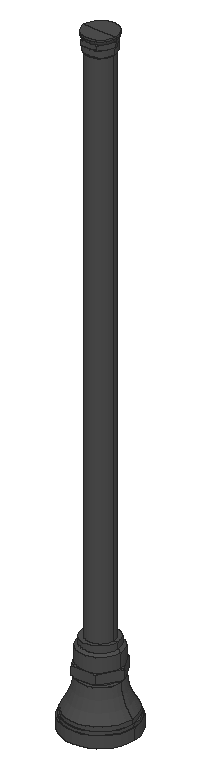
Revit family "Reece_Shower_Kado_Era_Shower Arm_Ceiling", category Plumbing Fixtures, host Face, Revit 2018
Family settings
  Host = Face
  Round Connector Dimension = Use Diameter
  Part Type = Normal
  Cut with Voids When Loaded = No
  Shared = Yes
  Room Calculation Point = Yes
Parameters (values of type "Matte Black")
  WFU = 0  # constant formula
  URL = "www.reece.com.au/product/-4200392"
  Type Comments = "Shower"
  Reece_Shower_Inlet = 12 mm  # constant formula
  Reece_Product_Web Page = "www.reece.com.au/product/-4200392"
  Reece_Product_Type = "Shower"  # constant formula
  Reece_Product_Sub Brand = "Era\r\n"  # constant formula
  Reece_Product_Number = "4200392"
  Reece_Product_Mount = "Ceiling Mounted"
  Reece_Product_Description = "Kado Era Ceiling Shower Arm 470mm Matte Black (4 Star)"
  Reece_Product_Brand = "Kado\r\n"  # constant formula
  Reece_Overall_Height = 450 mm  # constant formula
  Reece_Overall_Diameter = 50 mm  # constant formula
  Reece_Material_Main = Reece_Brass_Matte Black
  Reece_Detail_Shape = ""
  Reece_Detail_Disclaimer = "THIS FILE IS THE PROPERTY OF THE REECE GROUP. IT MAY NOT BE REPRODUCED, REVERSE-ENGINEERED OR MODIFIED. ANY REPUBLICATION, TRANSMISSION OR DISTRIBUTION FOR THE PURPOSE OF COMMERCIALLY EXPLOITING THE FILES IS PROHIBITED."  # constant formula
  Reece_Detail_Additional = "Ceiling"  # constant formula
  Model = "Era\r\n"
  Manufacturer = "Kado\r\n"
  Keynote = "Product #4200392, Reece_Shower_Kado_Era_Shower Arm_Ceiling - Matte Black"
  HWFU = 0  # constant formula
  Disclaimer = "THIS FILE IS THE PROPERTY OF THE REECE GROUP. IT MAY NOT BE REPRODUCED, REVERSE-ENGINEERED OR MODIFIED. ANY REPUBLICATION, TRANSMISSION OR DISTRIBUTION FOR THE PURPOSE OF COMMERCIALLY EXPLOITING THE FILES IS PROHIBITED."  # constant formula
  Description = "Kado Era Ceiling Shower Arm 450mm Matte Black"
  Default Elevation = 0 mm
  CWFU = 0  # constant formula
Types (4, lengths in mm): name | URL | Reece_Product_Web Page | Reece_Product_Number | Reece_Product_Description | Reece_Material_Main | Keynote | Description
  Chrome | "www.reece.com.au/product/-4200391" | "www.reece.com.au/product/-4200391" | "4200391" | "Kado Era Ceiling Shower Arm 470mm Chrome (4 Star)" | Reece_Brass_Chrome | "Product #4200391, Reece_Shower_Kado_Era_Shower Arm_Ceiling - Chrome" | "Kado Era Ceiling Shower Arm 450mm Chrome"
  Brass Gold | "www.reece.com.au/product/-4200390" | "www.reece.com.au/product/-4200390" | "4200390" | "Kado Era Ceiling Shower Arm 470mm Brass Gold (4 Star)" | Reece_Brass_Gold | "Product #4200390, Reece_Shower_Kado_Era_Shower Arm_Ceiling - Brass Gold" | "Kado Era Ceiling Shower Arm 450mm Brass Gold"
  Matte Black | "www.reece.com.au/product/-4200392" | "www.reece.com.au/product/-4200392" | "4200392" | "Kado Era Ceiling Shower Arm 470mm Matte Black (4 Star)" | Reece_Brass_Matte Black | "Product #4200392, Reece_Shower_Kado_Era_Shower Arm_Ceiling - Matte Black" | "Kado Era Ceiling Shower Arm 450mm Matte Black"
  Brushed Nickel | "www.reece.com.au/product/-9512103" | "www.reece.com.au/product/-9512103" | "9512103" | "Kado Era Ceiling Shower Arm 470mm Brushed Nickel (4 Star)" | Reece_Brass_Brushed Nickel | "Product #9512103, Reece_Shower_Kado_Era_Shower Arm_Ceiling - Brushed Nickel" | "Kado Era Ceiling Shower Arm 450mm Brushed Nickel (4 Star)"
Reference planes
  plane 1 "Center (Front/Back)": y = 0
  plane 2: z = 0
  plane 3 "Center (Left/Right)": x = 0
  plane 4: z = 450
  plane 5: x = -25
  plane 6: x = 25
  plane 7: y = 25
  plane 8: y = -25
  plane 9: z = 59
Forms (mm)
  Revolve 1, solid, material "Reece_Brass_Matte Black" <- "Reece_Material_Main"
    sketch origin (0, 0, 0) x (1, 0, 0) y (0, 0, 1)
      loop
        line (0, 0) -> (25, 0) -> (25, 8) -> (24, 8) -> (24, 10) -> (23.2, 10) -> (23.2, 12.8)
        arc (23.2, 12.8) -> (17.757, 22.618) -> (15, 33.5) r 43.621
        line (15, 33.5) -> (12, 33.5) -> (12, 36.062) -> (16.607, 36.062) -> (17.568, 37.024) -> (17.568, 42.101) -> (16.607, 43.062) -> (14.782, 43.062) -> (14.782, 52.862) -> (12.5, 54.562) -> (12.5, 59) -> (9.5, 59) -> (9.5, 437.133) -> (10.511, 438.144) -> (10.511, 442.656) -> (11.547, 443.312) -> (11.547, 446) -> (10.314, 446.656)
        arc (10.314, 446.656) -> (11.214, 447.559) -> (11.543, 448.791) r 2.467
        line (11.543, 448.791) -> (11.543, 450) -> (0, 450) -> (0, 0)
      axis (0, 0) -> (0, 450)
    angle from 0 to 360
  Extrusion 2, void
    sketch origin (0, 0, 0) x (1, 0, 0) y (0, 1, 0)
      loop
        line (-8.784, 15.214) -> (-17.568, 0) -> (-8.784, -15.214) -> (8.784, -15.214) -> (17.568, 0) -> (8.784, 15.214) -> (-8.784, 15.214)
      loop
        circle (0, 0) r 19.439
    from 36.062 to 43.062
  Extrusion 3, void
    sketch origin (0, 0, 406.594) x (1, 0, 0) y (0, 1, 0)
      loop
        line (-5.774, 10) -> (-11.547, 0) -> (-5.774, -10) -> (5.774, -10) -> (11.547, 0) -> (5.774, 10) -> (-5.774, 10)
      loop
        circle (0, 0) r 13.099
    from 36.062 to 40.062
  Revolve 4, void
    sketch origin (0, 0, 0) x (1, 0, 0) y (0, 0, 1)
      loop
        line (0, 0) -> (0, -42.959) -> (15, -42.959) -> (15, 0) -> (0, 0)
      axis (0, 0) -> (0, -42.959)
    angle from 0 to 360
Cuts and joins
  Extrusion 2, Extrusion 3 cuts Revolve 1
Text (mm)
  text "Reece Copyright © 2018, Reece Ltd." at (-595.724, -223.434, 0), in view "Ref. Level"
  text "Reece ©" at (290.323, 26.521, 334.836), in view "Reece_Preview"
Dimensions and locks
  equal spacing: plane 8, plane 1 "Center (Front/Back)", plane 7
  "Reece_Overall_Diameter": plane 8 to plane 7
  equal spacing: plane 5, plane 3 "Center (Left/Right)", plane 6
  "Reece_Overall_Diameter": plane 5 to plane 6
  "Reece_Overall_Height": level to plane 4
  plane 5 to plane 6 = 50 mm
  plane 4 to level = 450 mm  (x2)
  plane 7 to plane 8 = 50 mm
  plane 8 to plane 7 = 50 mm
  plane 6 to plane 5 = 50 mm
  plane 9 to host face = 59 mm
  cut or joined group of Revolve 1, Extrusion 2, Extrusion 3 to cut or joined group of Revolve 1, Extrusion 2, Extrusion 3 = 19 mm
  aligned and locked: plane 2 to host face
  aligned and locked: level to host face
  aligned and locked: plane 3 "Center (Left/Right)" to Revolve 1 sketch curve
  aligned and locked: plane 4 to Revolve 1
Automatic sketch dimensions
  host sketch curve to host sketch curve = 407.898 mm
  host sketch curve to host sketch curve = 410.737 mm
  plane 1 "Center (Front/Back)" to Extrusion 2 sketch curve = 0 mm  (x3)
  Extrusion 2 sketch curve to plane 3 "Center (Left/Right)" = 0 mm
  plane 1 "Center (Front/Back)" to Extrusion 3 sketch curve = 0 mm  (x3)
  Extrusion 3 sketch curve to plane 3 "Center (Left/Right)" = 0 mm
  Revolve 1 sketch curve to level = 0 mm  (x2)
  Revolve 1 sketch curve to plane 3 "Center (Left/Right)" = 0 mm
  Revolve 1 sketch curve to plane 9 = 0 mm
  Revolve 1 sketch curve to plane 4 = 0 mm
  plane 6 to Revolve 1 sketch curve = 0 mm
  Revolve 1 sketch curve to Revolve 1 sketch curve = 2.282 mm
  Revolve 1 sketch curve to Revolve 1 sketch curve = 3 mm  (x2)
  Revolve 1 sketch curve to Revolve 1 sketch curve = 1.825 mm
  Revolve 1 sketch curve to Revolve 1 sketch curve = 1.607 mm
  Revolve 1 sketch curve to Revolve 1 sketch curve = 0.961 mm  (x3)
  plane 6 to Revolve 1 sketch curve = 1.8 mm
  Revolve 1 sketch curve to Revolve 1 sketch curve = 0.8 mm
  Revolve 1 sketch curve to plane 9 = 20.317 mm
  Revolve 1 sketch curve to plane 6 = 33.312 mm
  level to Revolve 1 sketch curve = 8 mm
  Revolve 1 sketch curve to Revolve 1 sketch curve = 2 mm
  Revolve 1 sketch curve to Revolve 1 sketch curve = 2.8 mm
  Revolve 1 sketch curve to Revolve 1 sketch curve = 2.562 mm
  Revolve 1 sketch curve to Revolve 1 sketch curve = 5.078 mm
  Revolve 1 sketch curve to plane 9 = 6.138 mm
  Revolve 1 sketch curve to Revolve 1 sketch curve = 1.7 mm
  Revolve 1 sketch curve to plane 4 = 12.867 mm
  Revolve 1 sketch curve to Revolve 1 sketch curve = 1.011 mm
  Revolve 1 sketch curve to Revolve 1 sketch curve = 5.168 mm
  Revolve 1 sketch curve to Revolve 1 sketch curve = 2.688 mm
  Revolve 1 sketch curve to Revolve 1 sketch curve = 0.656 mm  (x2)
  Revolve 1 sketch curve to Revolve 1 sketch curve = 495 mm
  Revolve 1 sketch curve to plane 4 = 1.209 mm
  plane 3 "Center (Left/Right)" to Revolve 1 sketch curve = 9.076 mm
  plane 3 "Center (Left/Right)" to Revolve 1 sketch curve = 9.5 mm
  Revolve 1 sketch curve to Revolve 1 sketch curve = 1.237 mm
  Revolve 1 sketch curve to Revolve 1 sketch curve = 0.197 mm
  Revolve 1 sketch curve to Revolve 1 sketch curve = 1.233 mm
  plane 3 "Center (Left/Right)" to Revolve 1 sketch curve = 12 mm
  Extrusion 2 sketch curve to plane 3 "Center (Left/Right)" = 8.784 mm  (x2)
  plane 5 to Extrusion 2 sketch curve = 7.432 mm
  plane 3 "Center (Left/Right)" to Extrusion 2 sketch curve = 8.784 mm  (x2)
  plane 6 to Extrusion 2 sketch curve = 7.432 mm
  Extrusion 3 sketch curve to plane 3 "Center (Left/Right)" = 5.774 mm  (x2)
  Extrusion 3 sketch curve to Extrusion 3 sketch curve = 5.774 mm
  plane 3 "Center (Left/Right)" to Extrusion 3 sketch curve = 5.774 mm  (x2)
  plane 3 "Center (Left/Right)" to Extrusion 3 sketch curve = 11.547 mm
  Extrusion 2 sketch curve to plane 8 = 9.786 mm
  plane 1 "Center (Front/Back)" to Extrusion 3 sketch curve = 10 mm
  Extrusion 2 sketch curve to plane 7 = 9.786 mm
  Extrusion 3 sketch curve to plane 1 "Center (Front/Back)" = 10 mm
  Revolve 4 sketch curve to level = 0 mm  (x2)
  Revolve 4 sketch curve to plane 3 "Center (Left/Right)" = 0 mm  (x2)
  plane 3 "Center (Left/Right)" to Revolve 4 sketch curve = 15 mm
  Revolve 4 sketch curve to level = 42.959 mm
  Revolve 4 sketch curve to Revolve 4 sketch curve = 7.041 mm
  radius of Extrusion 2 sketch curve = 19.439 mm
  radius of Extrusion 3 sketch curve = 13.099 mm
Connectors
  piping at (0, 0, 0), diameter 12, driven by "Reece_Shower_Inlet"
    settings: on cut or joined group of Revolve 1, Extrusion 2, Extrusion 3, index 1, connector inside diameter 609.6 mm, connector length 0 mm, flow factor 0, pipe flow 0.0 L/s, pressure drop 0.0 Pa, fitting loss kfactor 0, connector angle 0.00°, fixture units 0, engagement length 0 mm, angle of deflection 0.00°, flow configuration 0, flow direction 1, fitting loss method 0, system type 29, joint type 0, gender type 0, connector reference index -1, connector utility 0, adjustable connector no, is connector primary yes, connector description ""
